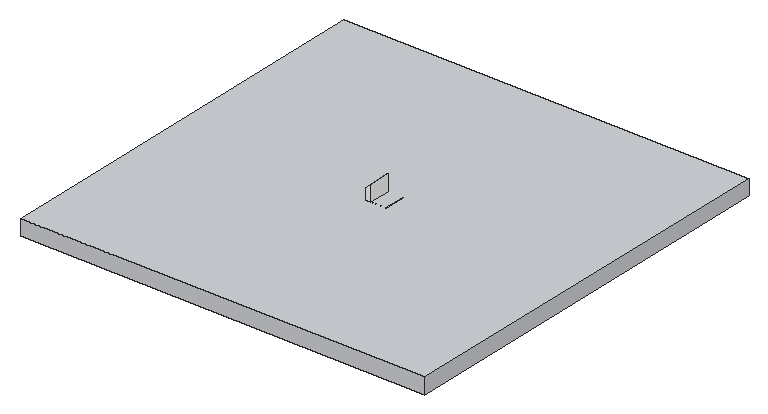
Revit family
Parameters (values of type "6"")
  WFU = 0
  URL = "www.mifab.com"
  Strainer Adjustment [instance] = 0.500"
  Pipe Radius = 3.000"
  Pipe Diameter = Pipe Radius * 2  # 6.000"
  Model = "F1100-AS"
  Manufacturer = "MIFAB"
  Floor Drain Material = Paint - Sherwin Williams Paint - #952C2A - Bellwood Red
  Description = "FLOOR DRAIN WITH ADJUSTABLE ANGLE STRAINER"
  Default Elevation = 0.000"
  Chilled Water Radius = 0.250"
  Chilled Water Diameter = Chilled Water Radius * 2  # 0.500"
  CWFU = 0
  Body Height = 4.750"
Types (6): name | Strainer Adjustment | Pipe Radius | Pipe Diameter | Body Height
  (no name) | 0.500" | 3.000" | 6.000" | 4.750"
  2" | 1.62891" | 1.000" | 2.000" | 3.375"
  3" | 1.62891" | 1.500" | 3.000" | 3.375"
  6" | 0.500" | 3.000" | 6.000" | 4.750"
  4" | 1.62891" | 2.000" | 4.000" | 3.375"
  5" | 1.62891" | 2.500" | 5.000" | 3.375"
Reference planes (in)
  plane 1 "Center (Front/Back)": y = 0
  plane 2: z = 0
  plane 3 "Center (Left/Right)": x = 0
  plane 4: z = -0.5
  plane 5: z = -5.25
  plane 6: x = -3
  plane 7: x = -4.5
  plane 8: z = -2.65909
  plane 9: y = 2.5
  plane 10: y = -2.5
  plane 11: z = -1.57955
  plane 12: x = 2.425
  plane 13: x = -1.225
Forms (in)
  Extrusion 1, solid
    sketch origin (0, 0, 0) x (1, 0, 0) y (0, 1, 0)
      loop
        line (-48, 48) -> (-48, -48) -> (48, -48) -> (48, 48) -> (-48, 48)
    from 0 to -3.72374
  Extrusion 2, solid, material "Paint - Sherwin Williams Paint - #952C2A - Bellwood Red" <- "Floor Drain Material"
    sketch origin (0, 0, 0) x (1, 0, 0) y (0, 1, 0)
      loop
        circle (0, 0) r 4
    from -0.70883 to -0.5
  Revolve 3, solid, material "Paint - Sherwin Williams Paint - #952C2A - Bellwood Red" <- "Floor Drain Material"
    sketch origin (0, 0, 0) x (1, 0, 0) y (0, 0, 1)
      loop
        line (-3.33333, -0.5) -> (-3.33333, -2.65909) -> (-3.12485, -3.21984) -> (-3.12485, -5.25) -> (-3, -5.25) -> (-3, -0.5) -> (-3.33333, -0.5)
      axis (0, -0.5) -> (0, -5.25)
    angle from 0 to 360
  Extrusion 4, solid, material "Paint - Sherwin Williams Paint - #952C2A - Bellwood Red" <- "Floor Drain Material"
    sketch origin (0, 0, 0) x (1, 0, 0) y (0, 1, 0)
      loop
        circle (0, 0) r 2
    from -0.5 to 0
  Extrusion 5, solid, material "Paint - Sherwin Williams Paint - #952C2A - Bellwood Red" <- "Floor Drain Material"
    sketch origin (0, 0, 0) x (1, 0, 0) y (0, 0, 1)
      loop
        line (2.425, 0) -> (-1.225, 0) -> (-1.225, 3.65) -> (-1.29334, 3.65) -> (-2.425, 2.51834) -> (-2.425, -0.30119) -> (2.425, -0.30119) -> (2.425, 0)
    from -2.5 to 2.5
  Revolve 6, solid, material "Paint - Sherwin Williams Paint - #952C2A - Bellwood Red" <- "Floor Drain Material"
    sketch origin (-0.7595, 0, 2.5966) x (1, 0, 0) y (0, 0, 1)
      loop
        line (-3.04948, -4.17615) -> (-2.15625, -4.17615) -> (-2.15625, -3.86591) -> (-2.81523, -3.86591) -> (-2.87547, -3.92615) -> (-3.04948, -3.92615) -> (-3.04948, -4.17615)
      axis (-2.15625, -4.17615) -> (-3.04948, -4.17615)
    angle from 0 to 360
Cuts and joins
  joined: Extrusion 2, Revolve 3, Extrusion 4, Extrusion 5
Lines and regions (in)
  symbolic lines
    curve 1: line (2.425, 2.5, 0) -> (-2.425, 2.5, 0)
    curve 2: line (2.425, -2.5, 0) -> (2.425, 2.5, 0)
    curve 3: line (-2.425, -2.5, 0) -> (2.425, -2.5, 0)
    curve 4: line (-2.425, 2.5, 0) -> (-2.425, -2.5, 0)
    curve 5: line (-1.225, 2.5, 0) -> (-1.225, -2.5, 0)
  symbolic lines, style "PlumbingFixturesHiddenLines"
    curve 6: circle (0, 0, 0) r 4 normal (0, 0, 1)
Dimensions and locks (in)
  "Strainer Adjustment": Extrusion 1 to plane 4
  "Body Height": plane 5 to plane 4
  locked: plane 4 to Extrusion 2 at 0.20883
  "Pipe Radius": plane 3 "Center (Left/Right)" to plane 6
  plane 3 "Center (Left/Right)" to plane 7 = 4.500"
  locked: Revolve 3 sketch curve to plane 6 at 0.12485
  Revolve 3 sketch curve to plane 3 "Center (Left/Right)" = 3.33333"
  equal spacing: plane 9, plane 1 "Center (Front/Back)", plane 10
  locked: Extrusion 1 to cut or joined group of Extrusion 2, Revolve 3, Extrusion 4, Extrusion 5 at 0.30119
  locked: plane 3 "Center (Left/Right)" to cut or joined group of Extrusion 2, Revolve 3, Extrusion 4, Extrusion 5 at 1.225
  locked: plane 3 "Center (Left/Right)" to Extrusion 5 sketch curve at 2.425
  locked: cut or joined group of Extrusion 2, Revolve 3, Extrusion 4, Extrusion 5 to Extrusion 1 at 3.65
  equal spacing: Extrusion 5 sketch curve, plane 3 "Center (Left/Right)", Extrusion 5 sketch curve
  equal spacing: plane 4, plane 11, plane 8
  Revolve 6 sketch curve to Revolve 6 sketch curve to plane 11 = 0.06024" locked, 0.250" locked
  plane 3 "Center (Left/Right)" to Revolve 6 sketch curve to Revolve 6 sketch curve to Revolve 6 sketch curve = 2.91575" locked, 0.65898" locked, 0.23425" locked
  plane 13 to plane 12 = 3.650"
  locked: plane 8 to plane 5 at 2.59091
  radius of Extrusion 2 sketch curve = 4.000"
  radius of Extrusion 4 sketch curve = 2.000"
  aligned and locked: plane 2 to Extrusion 1
  aligned and locked: level to Extrusion 1
  aligned and locked: Extrusion 2 to plane 4
  aligned and locked: plane 6 to Revolve 3 sketch curve
  aligned and locked: plane 4 to Revolve 3 sketch curve
  aligned and locked: Extrusion 4 to plane 4
  aligned and locked: level to Extrusion 4
  aligned and locked: plane 9 to Extrusion 5
  aligned and locked: plane 10 to Extrusion 5
  aligned and locked: curve 1 to cut or joined group of Extrusion 2, Revolve 3, Extrusion 4, Extrusion 5
  aligned and locked: curve 2 to cut or joined group of Extrusion 2, Revolve 3, Extrusion 4, Extrusion 5
  aligned and locked: curve 3 to cut or joined group of Extrusion 2, Revolve 3, Extrusion 4, Extrusion 5
  aligned and locked: curve 4 to cut or joined group of Extrusion 2, Revolve 3, Extrusion 4, Extrusion 5
  aligned and locked: curve 5 to cut or joined group of Extrusion 2, Revolve 3, Extrusion 4, Extrusion 5
  aligned and locked: plane 11 to Revolve 6 sketch curve  (x2)
Automatic sketch dimensions
  Extrusion 1 sketch curve to Extrusion 1 sketch curve = 96.000"  (x2)
  plane 1 "Center (Front/Back)" to Extrusion 2 sketch curve = 0.000"
  Extrusion 2 sketch curve to plane 3 "Center (Left/Right)" = 0.000"
  Revolve 3 sketch curve to plane 3 "Center (Left/Right)" = 0.000"
  Revolve 3 sketch curve to plane 5 = 0.000"
  Revolve 3 sketch curve to plane 8 = 0.000"
  Revolve 3 sketch curve to plane 5 = 1.01058"
  Revolve 3 sketch curve to plane 8 = 0.56075"
  Revolve 3 sketch curve to level = 0.37891"
  plane 1 "Center (Front/Back)" to Extrusion 4 sketch curve = 0.000"
  Extrusion 4 sketch curve to plane 3 "Center (Left/Right)" = 0.000"
  Extrusion 5 sketch curve to level = 0.000"
  Extrusion 5 sketch curve to plane 3 "Center (Left/Right)" = 1.29334"
  Extrusion 5 sketch curve to plane 3 "Center (Left/Right)" = 1.225"
  Extrusion 5 sketch curve to level = 0.30119"
  level to Extrusion 5 sketch curve = 2.51834"
  Extrusion 5 sketch curve to Extrusion 5 sketch curve = 1.13166"
  Revolve 6 sketch curve to plane 7 = 5.90272"
  Revolve 6 sketch curve to Revolve 6 sketch curve = 1.09375"
  Revolve 6 sketch curve to Revolve 6 sketch curve = 0.06024"
  plane 1 "Center (Front/Back)" to curve 6 = 0.000"
  curve 6 to plane 3 "Center (Left/Right)" = 0.000"
  radius of curve 6 = 4.000"
Connectors (in)
  piping at (0, 0, -5.25), driven by "Pipe Radius", driven by "WFU"
    settings: on cut or joined group of Extrusion 2, Revolve 3, Extrusion 4, Extrusion 5, index 1, connector radius 3", flow factor 0, pipe flow 0 GPM, pressure drop 0.00 psi, fitting loss kfactor 0, connector angle 0.00°, fixture units 0, flow configuration 3, flow direction 2, fitting loss method 0, system type 16, connector reference index -1, connector utility 0, adjustable connector no, is connector primary yes, fitting loss table "", connector description "Sanitary Out"
  piping at (-3.80897, 0, -1.57955), driven by "CWFU", driven by "Chilled Water Radius"
    settings: on Revolve 6, index 2, connector radius 1/4", flow factor 0, pipe flow 0 GPM, pressure drop 0.00 psi, fitting loss kfactor 0, connector angle 0.00°, fixture units 0, flow configuration 3, flow direction 1, fitting loss method 0, system type 20, connector reference index -1, connector utility 0, adjustable connector no, is connector primary no, fitting loss table "", connector description "Domestic Cold Water In"
